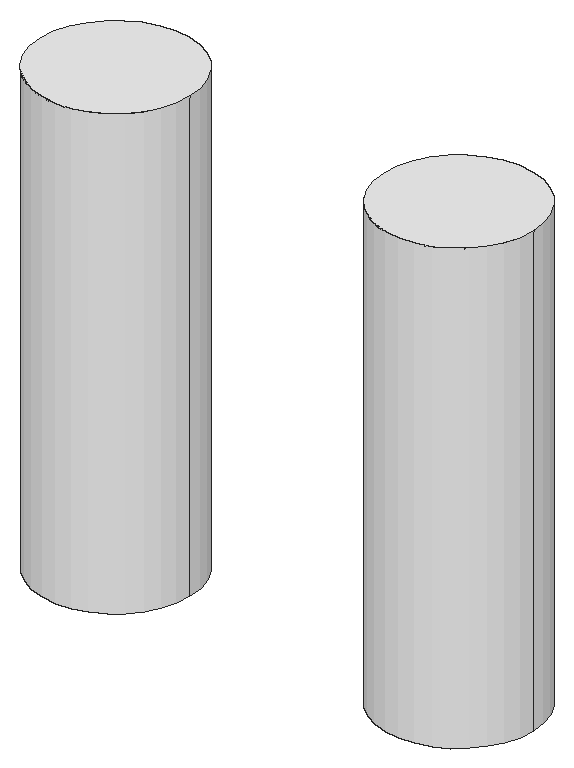
Revit family "56362203", category Plumbing Fixtures, Revit 2018
Family settings
  Round Connector Dimension = Use Diameter
  Part Type = Normal
  OmniClass Number = 23.45.55.00
  OmniClass Title = Sanitary Faucets, Wastes
  Work Plane-Based = No
  Always vertical = Yes
  Cut with Voids When Loaded = No
  Shared = No
  Room Calculation Point = No
Parameters (values of type "56362203 Washbasin faucet ")
  Working Pressure = "50 - 1000 kPa"
  WarrantyStartDate [instance] = "n/a"
  WarrantyGuarantorParts = "n/a"
  WarrantyGuarantorLabor = "n/a"
  WarrantyDurationUnit = "Year"
  WarrantyDurationParts = "n/a"
  WarrantyDurationLabor = "n/a"
  WarrantyDescription = "http://warranty.hansa.com"
  Warranty Information URL = "http://warranty.hansa.com"
  VersionDate = "01/07/2022"
  Version = "3"  # constant formula
  ValvePattern = "n/a"
  ValveOperation = "n/a"
  ValveMechanism = "n/a"
  Uniclass2015Reference = "Pr_40_20_87_96"
  Uniclass2015Description = "Washbasin manual water supply sets"
  Uniclass2 = "Pr_40_30_96_96"
  URL REACH = "http://static.hansa.com/doc/reach"
  URL Declaration of Conformity = "http://static.hansa.com/DoC/56362203"
  URL ABP = "http://static.hansa.com/ABP/56362203"
  URL = ""
  UNSPSC Class Number = "30181700 Faucets or taps"
  TestPressure = "n/a"
  Temperature Adjustments = "Limitation option for maximum temperature and flow-rate ;Adjustable hot water stop (included, retrofittable)"
  Temperature = "Temperature limiter;Temperature limiter (retrofittable)"
  Technical DataSheet URL = "http://www.hansa.com/datasheet/56362203/en"
  TagNumber [instance] = "n/a"
  SustainabilityPerformance = "n/a"
  Surface treatment = "Chrome"
  Spout Type = "Fixed spout"
  Spout Projection = "103 mm"
  Spare-Part Information URL = "http://static.hansa.com/sp/56362203"
  Size = "50x135x135 mm"
  Shape = "Sculptured"
  SerialNumber [instance] = "n/a"
  Sales Package dimensions (LxWxH) = "540 x 146 x 59"
  Revision = "3"  # constant formula
  ReplacementCost = "n/a"
  ProductInformation = "n/a"
  Product URL = "http://static.hansa.com/56362203"
  Product Image URL = "http://static.hansa.com/image/56362203"
  Product Family = "HANSAPALENO "
  Product Code = "56362203"
  OperatingMechanismMaterial = "n/a"
  NominalWidth = 48.9 mm
  NominalHeight = 136 mm
  NominalDepth = 137.1 mm
  Noise Class = "I (ISO3822)"
  Name_en = "56362203 Washbasin faucet"
  Name = "56362203 Washbasin faucet"
  NBSReference = "45-35-70/371"
  NBSDescription = "Water supply fittings for wash basins and troughs"
  Mounting Holes = "1 hole"
  ModelReference = "56362203"
  ModelNumber = "n/a"
  Model = "56362203 Washbasin faucet"
  Mobile Product Information URL = "http://mpi.hansa.com/56362203"
  Mechanical Parts = "ø 35 mm ceramic cartridge for flow and temperature control"
  Max. Hot Water Supply = 70 °C
  Material = "Brass"
  Market = "International;Germany;Austria;Switzerland;France;Italy;Spain"
  ManufacturerURL = "http://www.hansa.com"
  ManufacturerName = "HANSA"
  Manufacturer = "HANSA"
  Lever Handle = "Hot/Cold symbols;Single operating lever/handle"
  Interactive AR View URL = "https://static.hansa.com/AR/56362203"
  InstallationDate [instance] = "n/a"
  Installation and Maintenance Guide URL = "http://static.hansa.com/manual/56362203"
  Installation Type = "Deck mounted"
  InletConnectionSize = 10 mm
  IfcExportType = "FAUCET"  # constant formula
  IfcExportAs = "IfcValveType"  # constant formula
  Group = "Washbasin faucet"
  Grade = "n/a"
  FlowCoefficient = 0
  Flow Rate At 300kPa With Flow Controller = 0.01 L/s
  Flow Drawing URL = "http://static.hansa.com/flowchart/56362203"
  Finish = "Polished"
  Features = "Single-lever"
  FaucetMainMaterial = Brass
  FDV Document URL = "http://www.hansa.com/datasheet/56362203/en/fdv"
  ExpectedLife = "n/a"
  Excluded Items = "Without pop-up waste"
  ETIM Class Number = "EC011328 Washbasin mixing tap"
  EN Standard = "EN 817"
  EAN Number = "4057304012006"
  DurationUnit = "Year"
  Dimension Drawing URL = "http://static.hansa.com/dimdrw/56362203"
  Description = ""
  DefaultElevation [instance] = 900 mm
  Constituents = "n/a"
  Connection Size = "G3/8"
  Connection = "Flexible inlet pipes"
  Color = "Chrome"
  CodePerformance = "n/a"
  CloseOffRating = 0
  Category = "Bathroom"
  Catalog Drawing URL = "http://static.hansa.com/catdrw/56362203"
  Brand = "HANSA"
  BodyMaterial = "Brass"
  Barcode [instance] = "n/a"
  Backflow Prevention EN1717 = "AA"
  BIMObjectName = "56362203"
  Author = "BIMStone"
  AssetType = "Fixed"
  AssetIdentifier [instance] = "n/a"
  Approval ABP = "P-IX 29502/IA"
  Aerator = "PCA® - constant flow rate regardless of pressure variations"
  Advanced Features = "Inner body made of DZR brass;3S-installation system for safe and simple mounting"
  AccessibilityPerformance = "n/a"
  3D View = "https://static.hansa.com/3D/56362203"
  2D/3D/BIM Files URL = "http://static.hansa.com/bim/56362203"
Reference planes
  plane 1 "Center (Front/Back)": y = 0
  plane 2: z = 0
  plane 3 "Center (Left/Right)": x = 0
  plane 4: x = -24.45
  plane 5: z = 900
  plane 6: z = 870
  plane 7: y = -137.1
  plane 8: x = 24.45
  plane 9: z = 1036
Forms (mm)
  Extrusion 1, solid, material "Brass" <- "FaucetMainMaterial"
    sketch origin (-44.989, 12.403, 0) x (1, 0, 0) y (0, 1, 0)
      loop
        circle (33.489, -36) r 5
      loop
        circle (56.489, -36) r 5
    from 870 to 900
Dimensions and locks
  "DefaultElevation": plane 5 to level
  locked: plane 5 to plane 6 at 30
  "NominalDepth": plane 7 to plane 1 "Center (Front/Back)"
  "NominalHeight": plane 9 to plane 5
  equal spacing: plane 4, plane 3 "Center (Left/Right)", plane 8
  "NominalWidth": plane 4 to plane 8
  "InletConnectionSize": diameter of Extrusion 1 sketch curve  (x2)
  aligned and locked: level to plane 2
  aligned and locked: plane 5 to Extrusion 1
  aligned and locked: Extrusion 1 to plane 6
  aligned and locked: nested 2 to plane 5
Automatic sketch dimensions
  Extrusion 1 sketch curve to plane 3 "Center (Left/Right)" = 11.5 mm
  plane 3 "Center (Left/Right)" to Extrusion 1 sketch curve = 11.5 mm
  plane 1 "Center (Front/Back)" to Extrusion 1 sketch curve = 23.597 mm  (x2)
Nested families
  nested 1: "Symbol" at (0, 0, 0), type "Symbol", detail levels coarse
  nested 2: "56362203_p" at (0, 0, 900), Main <- "FaucetMainMaterial", type "56362203_p"
    with Main Brass
Connectors
  piping at (-11.5, -23.597, 870), diameter 10, driven by "InletConnectionSize"
    settings: on Extrusion 1, index 1, connector inside diameter 609.6 mm, connector length 0 mm, flow factor 0, pipe flow 0.1 L/s, pressure drop 0.0 Pa, fitting loss kfactor 0, connector angle 0.00°, fixture units 0, engagement length 0 mm, angle of deflection 0.00°, flow configuration 1, flow direction 1, fitting loss method 0, system type 19, joint type 0, gender type 0, connector reference index -1, connector utility 0, adjustable connector no, is connector primary yes, connector description ""
  piping at (11.5, -23.597, 870), diameter 10, driven by "InletConnectionSize"
    settings: on Extrusion 1, index 2, connector inside diameter 609.6 mm, connector length 0 mm, flow factor 0, pipe flow 0.1 L/s, pressure drop 0.0 Pa, fitting loss kfactor 0, connector angle 0.00°, fixture units 0, engagement length 0 mm, angle of deflection 0.00°, flow configuration 1, flow direction 1, fitting loss method 0, system type 20, joint type 0, gender type 0, connector reference index -1, connector utility 0, adjustable connector no, is connector primary no, connector description ""
Definition of nested family "Symbol"
  Reference planes
    plane 1: y = 0
    plane 2: x = 0
  Lines and regions (mm)
    detail lines
      curve 1: line (0, 0, 0) -> (0, -1.8, 0)
      curve 2: line (-0.4, -1.1, 0) -> (0.4, -1.1, 0)
      curve 3: line (-0.4, -1.4, 0) -> (0.4, -1.4, 0)
      curve 4: line (0.863, 0, 0) -> (-0.863, 0, 0)
      curve 5: circle (-1.163, 0, 0) r 0.3 normal (0, 0, -1)
      curve 6: circle (1.163, 0, 0) r 0.3 normal (0, 0, 1)
Definition of nested family "56362203_p"
  Parameters (values of type "56362203_p")
    Main [instance] = none
  Reference planes
    plane 1 "Center (Front/Back)": y = 0
    plane 2: z = 0
    plane 3 "Center (Left/Right)": x = 0
    plane 4: x = -24.617
    plane 5: x = 24.617
    plane 6: y = -137.145
    plane 7: z = 135.82
  Forms (mm)
    Revolve 1, solid, material <- "Main", detail levels medium
      sketch origin (0, 0, 0) x (0, 1, 0) y (0, 0, 1)
        loop
          line (2.047, -23.402) -> (-13.649, 156.008) -> (-37.067, 153.96) -> (-21.371, -25.451) -> (2.047, -23.402)
        axis (-37.067, 153.96) -> (-21.371, -25.451)
      angle from 0 to 360
    Extrusion 2, void
      sketch origin (0, 0, 0) x (0, 1, 0) y (0, 0, 1)
        loop
          line (-84.903, 135.82) -> (-11.321, 135.82) -> (-11.321, 165.82) -> (-84.903, 165.82) -> (-84.903, 135.82)
        loop
          line (-67.585, 0) -> (-67.585, -35) -> (4.507, -35) -> (4.507, 0) -> (-67.585, 0)
      from -49.356 to 92.918
    Extrusion 3, solid, material <- "Main", detail levels medium
      sketch origin (0, 0, 0) x (1, 0, 0) y (0, 1, 0)
        loop
          line (-7.521, -76.581) -> (-6.93, -121.044)
          arc (-6.93, -121.044) -> (-6.646, -121.856) -> (-5.931, -122.333) r 1.354
          arc (-5.931, -122.333) -> (-2.992, -122.919) -> (0, -123.101) r 22.031
          arc (0, -123.101) -> (2.992, -122.919) -> (5.931, -122.333) r 22.031
          arc (5.931, -122.333) -> (6.646, -121.856) -> (6.93, -121.044) r 1.354
          line (6.93, -121.044) -> (7.521, -76.581)
          arc (7.521, -76.581) -> (8.321, -70.237) -> (10.649, -64.282) r 25.931
          arc (10.649, -64.282) -> (13.331, -59.854) -> (16.426, -55.705) r 53.655
          arc (16.426, -55.705) -> (18.861, -52.519) -> (21.056, -49.162) r 54.532
          arc (21.056, -49.162) -> (23.173, -41.379) -> (23.403, -33.317) r 34.087
          line (23.403, -33.317) -> (-23.403, -33.317)
          arc (-23.403, -33.317) -> (-23.173, -41.379) -> (-21.056, -49.162) r 34.087
          arc (-21.056, -49.162) -> (-18.861, -52.519) -> (-16.426, -55.705) r 54.532
          arc (-16.426, -55.705) -> (-13.331, -59.854) -> (-10.649, -64.282) r 53.655
          arc (-10.649, -64.282) -> (-8.321, -70.237) -> (-7.521, -76.581) r 25.931
      from 123.077 to 135.82
    Extrusion 4, solid, material <- "Main", detail levels medium
      sketch origin (0, 0, 0) x (0, 1, 0) y (0, 0, 1)
        loop
          line (-89.259, 93.823) -> (-136.029, 89.512)
          arc (-136.029, 89.512) -> (-137.056, 88.681) -> (-136.685, 87.413) r 1.191
          line (-136.685, 87.413) -> (-131.681, 83.214) -> (-135.734, 77.426) -> (-116.093, 63.673) -> (-113.243, 67.743) -> (-111.732, 66.475) -> (-36.551, 68.212) -> (-39.16, 98.033)
          arc (-39.16, 98.033) -> (-64.218, 96.03) -> (-89.259, 93.823) r 3101.602
      from -20 to 20
    Extrusion 5, solid, material <- "Main", detail levels coarse
      sketch origin (0, 0, 0) x (0, 1, 0) y (0, 0, 1)
        loop
          line (0, 0) -> (0, 135.82) -> (-137.145, 135.82) -> (-137.145, 0) -> (0, 0)
      from -24.617 to 24.617
  Cuts and joins
    joined: Extrusion 3, Extrusion 4
    Extrusion 2 cuts Revolve 1
  Lines and regions (mm)
    symbolic lines, detail levels medium+fine
      curve 1: arc (-10.483, -136.441, 0) -> (0.493, -137.143, 0) -> (11.459, -136.294, 0) r 77.963
      curve 2: line (-16.526, -130.006, 0) -> (-22.573, -45.875, 0)
      curve 3: arc (-10.483, -136.441, 0) -> (-14.647, -134.297, 0) -> (-16.526, -130.006, 0) r 7
      curve 4: arc (-24.617, -33.317, 0) -> (-24.331, -29.576, 0) -> (-23.48, -25.922, 0) r 24.617
      curve 5: arc (-23.48, -25.922, 0) -> (-22.352, -16.636, 0) -> (-17.956, -8.379, 0) r 25.54
      curve 6: arc (-17.956, -8.379, 0) -> (-12.813, -3.703, 0) -> (-6.464, -0.874, 0) r 21.896
      curve 7: arc (-6.464, -0.874, 0) -> (-3.26, -0.234, 0) -> (0, 0, 0) r 26.072
      curve 8: arc (-22.573, -45.875, 0) -> (-24.103, -39.678, 0) -> (-24.617, -33.317, 0) r 39.601
      curve 17: line (16.526, -130.006, 0) -> (22.573, -45.875, 0)
      curve 18: arc (10.483, -136.441, 0) -> (14.647, -134.297, 0) -> (16.526, -130.006, 0) r 7
      curve 19: arc (24.617, -33.317, 0) -> (24.331, -29.576, 0) -> (23.48, -25.922, 0) r 24.617
      curve 20: arc (23.48, -25.922, 0) -> (22.352, -16.636, 0) -> (17.956, -8.379, 0) r 25.54
      curve 21: arc (17.956, -8.379, 0) -> (12.813, -3.703, 0) -> (6.464, -0.874, 0) r 21.896
      curve 22: arc (6.464, -0.874, 0) -> (3.26, -0.234, 0) -> (0, 0, 0) r 26.072
      curve 23: arc (22.573, -45.875, 0) -> (24.103, -39.678, 0) -> (24.617, -33.317, 0) r 39.601
      curve 32: line (0, 0, 0) -> (-23.507, 0, 0)
      curve 33: line (-23.507, 0, 0) -> (-23.507, 0, 98.025)
      curve 34: line (-24.617, 0, 101.423) -> (-24.191, 0, 133.145)
      curve 35: line (0, 0, 135.82) -> (-5.848, 0, 135.82)
      curve 36: arc (-5.848, 0, 135.82) -> (-14.236, 0, 135.589) -> (-22.599, 0, 134.898) r 152.743
      curve 37: arc (-24.191, 0, 133.145) -> (-23.727, 0, 134.323) -> (-22.599, 0, 134.898) r 1.788
      curve 43: line (-22.622, 0, 100.367) -> (-22.757, 0, 98.832)
      curve 44: arc (-23.507, 0, 97.889) -> (-23.297, 0, 98.492) -> (-22.757, 0, 98.832) r 0.967
      curve 48: spline (-24.617, 0, 101.423) -> (-24.603, 0, 101.333) -> (-24.561, 0, 101.244) -> (-24.492, 0, 101.154) -> (-24.395, 0, 101.065) -> (-24.27, 0, 100.977) -> (-24.118, 0, 100.888) -> (-23.938, 0, 100.801) -> (-23.731, 0, 100.714) -> (-23.498, 0, 100.628) -> (-23.238, 0, 100.543) -> (-22.952, 0, 100.459) -> (-22.639, 0, 100.375)
      curve 59: line (0, 0, 0) -> (23.507, 0, 0)
      curve 60: line (23.507, 0, 0) -> (23.507, 0, 98.025)
      curve 61: line (24.617, 0, 101.423) -> (24.191, 0, 133.145)
      curve 62: line (0, 0, 135.82) -> (5.848, 0, 135.82)
      curve 63: arc (5.848, 0, 135.82) -> (14.236, 0, 135.589) -> (22.599, 0, 134.898) r 152.743
      curve 64: arc (24.191, 0, 133.145) -> (23.727, 0, 134.323) -> (22.599, 0, 134.898) r 1.788
      curve 70: line (22.622, 0, 100.367) -> (22.757, 0, 98.832)
      curve 71: arc (23.507, 0, 97.889) -> (23.297, 0, 98.492) -> (22.757, 0, 98.832) r 0.967
      curve 75: spline (24.617, 0, 101.423) -> (24.603, 0, 101.333) -> (24.561, 0, 101.244) -> (24.492, 0, 101.154) -> (24.395, 0, 101.065) -> (24.27, 0, 100.977) -> (24.118, 0, 100.888) -> (23.938, 0, 100.801) -> (23.731, 0, 100.714) -> (23.498, 0, 100.628) -> (23.238, 0, 100.543) -> (22.952, 0, 100.459) -> (22.639, 0, 100.375)
      curve 86: line (0, 0, 0) -> (0, -47.195, 0)
      curve 87: line (0, -8.796, 100.544) -> (0, -9.596, 100.479)
      curve 90: line (0, 0, 0) -> (0, -1.548, 17.697)
      curve 91: line (0, -47.195, 0) -> (0, -50.89, 42.234)
      curve 92: line (0, -78.815, 67.236) -> (0, -111.732, 66.475)
      curve 93: arc (0, -50.89, 42.234) -> (0, -59.908, 60.258) -> (0, -78.815, 67.236) r 27.397
      curve 94: arc (0, -55.658, 96.737) -> (0, -72.462, 95.326) -> (0, -89.259, 93.823) r 3101.602
      curve 95: arc (0, -9.596, 100.479) -> (0, -11.065, 106.263) -> (0, -14.026, 111.444) r 22.12
      curve 96: line (0, -54.889, 99.207) -> (0, -54.889, 96.8)
      curve 97: line (0, -56.631, 99.066) -> (0, -59.137, 116.246)
      curve 98: line (0, -9.85, 113.821) -> (0, -13.212, 133.304)
      curve 99: line (0, -67.187, 123.208) -> (0, -121.021, 123.208)
      curve 100: arc (0, -59.137, 116.246) -> (0, -61.866, 121.226) -> (0, -67.187, 123.208) r 8.136
      curve 101: arc (0, -122.469, 134.918) -> (0, -123.109, 129.669) -> (0, -122.532, 124.413) r 22.989
      curve 102: arc (0, -121.021, 123.208) -> (0, -121.988, 123.546) -> (0, -122.532, 124.413) r 1.55
      curve 103: line (0, -121.096, 136) -> (0, -76.114, 136)
      curve 104: arc (0, -122.469, 134.918) -> (0, -121.97, 135.697) -> (0, -121.096, 136) r 1.413
      curve 105: arc (0, -76.114, 136) -> (0, -62.213, 135.816) -> (0, -48.321, 135.262) r 523.836
      curve 106: line (0, -15.076, 134.874) -> (0, -33.248, 134.874)
      curve 107: arc (0, -48.321, 135.262) -> (0, -40.787, 134.965) -> (0, -33.248, 134.874) r 275.77
      curve 108: arc (0, -13.212, 133.304) -> (0, -13.858, 134.429) -> (0, -15.076, 134.874) r 1.891
      curve 110: line (0, -3.293, 37.639) -> (0, -8.796, 100.544)
      curve 111: line (0, -54.889, 99.207) -> (0, -56.631, 99.066)
      curve 112: line (0, -54.889, 96.8) -> (0, -55.658, 96.737)
      curve 113: line (0, -14.026, 111.444) -> (0, -9.85, 113.821)
      curve 115: line (0, -111.732, 66.475) -> (0, -113.243, 67.743)
      curve 116: line (0, -89.259, 93.823) -> (0, -136.029, 89.512)
      curve 117: arc (0, -136.029, 89.512) -> (0, -137.056, 88.681) -> (0, -136.685, 87.413) r 1.191
      curve 118: line (0, -135.734, 77.426) -> (0, -116.093, 63.673)
      curve 119: line (0, -131.681, 83.214) -> (0, -135.734, 77.426)
      curve 120: line (0, -113.243, 67.743) -> (0, -116.093, 63.673)
      curve 121: line (0, -131.681, 83.214) -> (0, -136.685, 87.413)
      curve 131: line (0, -0.184, 19.262) -> (0, -1.664, 36.175)
      curve 132: line (0, -2.395, 37.22) -> (0, -3.293, 37.639)
      curve 133: arc (0, -1.664, 36.175) -> (0, -1.889, 36.796) -> (0, -2.395, 37.22) r 1.275
      curve 134: line (0, -0.637, 18.311) -> (0, -1.548, 17.697)
      curve 135: arc (0, -0.184, 19.262) -> (0, -0.281, 18.725) -> (0, -0.637, 18.311) r 1.038
    symbolic lines, detail levels fine
      curve 9: arc (-21.056, -49.162, 0) -> (-21.905, -47.56, 0) -> (-22.573, -45.875, 0) r 16.527
      curve 10: arc (-16.426, -55.705, 0) -> (-18.861, -52.519, 0) -> (-21.056, -49.162, 0) r 54.532
      curve 11: arc (-10.649, -64.282, 0) -> (-13.331, -59.854, 0) -> (-16.426, -55.705, 0) r 53.655
      curve 12: arc (-7.521, -76.581, 0) -> (-8.321, -70.237, 0) -> (-10.649, -64.282, 0) r 25.931
      curve 13: line (-7.521, -76.581, 0) -> (-6.93, -121.044, 0)
      curve 14: arc (-5.931, -122.333, 0) -> (-2.992, -122.919, 0) -> (0, -123.101, 0) r 22.031
      curve 15: arc (-6.93, -121.044, 0) -> (-6.646, -121.856, 0) -> (-5.931, -122.333, 0) r 1.354
      curve 16: arc (-23.48, -25.922, 0) -> (-14.56, -13.467, 0) -> (0, -8.7, 0) r 24.617
      curve 24: arc (21.056, -49.162, 0) -> (21.905, -47.56, 0) -> (22.573, -45.875, 0) r 16.527
      curve 25: arc (16.426, -55.705, 0) -> (18.861, -52.519, 0) -> (21.056, -49.162, 0) r 54.532
      curve 26: arc (10.649, -64.282, 0) -> (13.331, -59.854, 0) -> (16.426, -55.705, 0) r 53.655
      curve 27: arc (7.521, -76.581, 0) -> (8.321, -70.237, 0) -> (10.649, -64.282, 0) r 25.931
      curve 28: line (7.521, -76.581, 0) -> (6.93, -121.044, 0)
      curve 29: arc (5.931, -122.333, 0) -> (2.992, -122.919, 0) -> (0, -123.101, 0) r 22.031
      curve 30: arc (6.93, -121.044, 0) -> (6.646, -121.856, 0) -> (5.931, -122.333, 0) r 1.354
      curve 31: arc (23.48, -25.922, 0) -> (14.56, -13.467, 0) -> (0, -8.7, 0) r 24.617
      curve 38: arc (-6.756, 0, 134.058) -> (-6.963, 0, 129.627) -> (-6.756, 0, 125.196) r 47.666
      curve 39: arc (-5.128, 0, 135.675) -> (-6.235, 0, 135.162) -> (-6.756, 0, 134.058) r 1.79
      curve 40: arc (-2.068, 0, 135.82) -> (-3.599, 0, 135.777) -> (-5.128, 0, 135.675) r 39.282
      curve 41: arc (-6.756, 0, 125.196) -> (-6.258, 0, 124.11) -> (-5.191, 0, 123.571) r 1.809
      curve 42: arc (-5.191, 0, 123.571) -> (-2.601, 0, 123.329) -> (0, 0, 123.281) r 34.732
      curve 45: spline (-22.757, 0, 98.832) -> (-22.562, 0, 98.576) -> (-21.981, 0, 98.323) -> (-21.024, 0, 98.079) -> (-19.707, 0, 97.849) -> (-18.053, 0, 97.635) -> (-16.091, 0, 97.441) -> (-13.852, 0, 97.272) -> (-11.377, 0, 97.129) -> (-8.708, 0, 97.015) -> (-5.889, 0, 96.932) -> (-2.97, 0, 96.882) -> (0, 0, 96.865)
      curve 46: line (-23.507, 0, 87.376) -> (-16.905, 0, 74.958)
      curve 47: arc (-16.905, 0, 74.958) -> (-14.342, 0, 71.239) -> (-11, 0, 68.199) r 19.74
      curve 49: arc (-13.632, 0, 86.46) -> (-6.829, 0, 87.082) -> (0, 0, 87.29) r 112.335
      curve 50: line (-23.507, 0, 98.025) -> (-17.405, 0, 88.261)
      curve 51: arc (-17.405, 0, 88.261) -> (-15.781, 0, 86.811) -> (-13.632, 0, 86.46) r 3.893
      curve 52: spline (0, 0, 64.492) -> (-2.773, 0, 64.701) -> (-5.358, 0, 65.313) -> (-7.577, 0, 66.285) -> (-9.28, 0, 67.553) -> (-10.351, 0, 69.029) -> (-10.716, 0, 70.613) -> (-10.351, 0, 72.198) -> (-9.28, 0, 73.674) -> (-7.577, 0, 74.941) -> (-5.358, 0, 75.914) -> (-2.773, 0, 76.526) -> (0, 0, 76.734)
      curve 53: line (-11, 0, 76.576) -> (-11, 0, 68.199)
      curve 54: arc (-11, 0, 76.576) -> (-11.983, 0, 73.761) -> (-11, 0, 70.946) r 4.519
      curve 55: arc (-11.983, 0, 73.761) -> (-11.352, 0, 77.899) -> (-8.48, 0, 80.944) r 7.028
      curve 56: arc (-8.48, 0, 80.944) -> (-4.383, 0, 82.589) -> (0, 0, 83.121) r 16.963
      curve 57: arc (-11, 0, 68.199) -> (-5.857, 0, 65.287) -> (0, 0, 64.492) r 15.628
      curve 58: spline (-22.639, 0, 100.375) -> (-21.593, 0, 100.142) -> (-20.343, 0, 99.921) -> (-18.901, 0, 99.714) -> (-17.28, 0, 99.523) -> (-15.496, 0, 99.35) -> (-13.565, 0, 99.197) -> (-11.506, 0, 99.065) -> (-9.338, 0, 98.955) -> (-7.082, 0, 98.868) -> (-4.759, 0, 98.806) -> (-2.391, 0, 98.768) -> (0, 0, 98.756)
      curve 65: arc (6.756, 0, 134.058) -> (6.963, 0, 129.627) -> (6.756, 0, 125.196) r 47.666
      curve 66: arc (5.128, 0, 135.675) -> (6.235, 0, 135.162) -> (6.756, 0, 134.058) r 1.79
      curve 67: arc (2.068, 0, 135.82) -> (3.599, 0, 135.777) -> (5.128, 0, 135.675) r 39.282
      curve 68: arc (6.756, 0, 125.196) -> (6.258, 0, 124.11) -> (5.191, 0, 123.571) r 1.809
      curve 69: arc (5.191, 0, 123.571) -> (2.601, 0, 123.329) -> (0, 0, 123.281) r 34.732
      curve 72: spline (22.757, 0, 98.832) -> (22.562, 0, 98.576) -> (21.981, 0, 98.323) -> (21.024, 0, 98.079) -> (19.707, 0, 97.849) -> (18.053, 0, 97.635) -> (16.091, 0, 97.441) -> (13.852, 0, 97.272) -> (11.377, 0, 97.129) -> (8.708, 0, 97.015) -> (5.889, 0, 96.932) -> (2.97, 0, 96.882) -> (0, 0, 96.865)
      curve 73: line (23.507, 0, 87.376) -> (16.905, 0, 74.958)
      curve 74: arc (16.905, 0, 74.958) -> (14.342, 0, 71.239) -> (11, 0, 68.199) r 19.74
      curve 76: arc (13.632, 0, 86.46) -> (6.829, 0, 87.082) -> (0, 0, 87.29) r 112.335
      curve 77: line (23.507, 0, 98.025) -> (17.405, 0, 88.261)
      curve 78: arc (17.405, 0, 88.261) -> (15.781, 0, 86.811) -> (13.632, 0, 86.46) r 3.893
      curve 79: spline (0, 0, 64.492) -> (2.773, 0, 64.701) -> (5.358, 0, 65.313) -> (7.577, 0, 66.285) -> (9.28, 0, 67.553) -> (10.351, 0, 69.029) -> (10.716, 0, 70.613) -> (10.351, 0, 72.198) -> (9.28, 0, 73.674) -> (7.577, 0, 74.941) -> (5.358, 0, 75.914) -> (2.773, 0, 76.526) -> (0, 0, 76.734)
      curve 80: line (11, 0, 76.576) -> (11, 0, 68.199)
      curve 81: arc (11, 0, 76.576) -> (11.983, 0, 73.761) -> (11, 0, 70.946) r 4.519
      curve 82: arc (11.983, 0, 73.761) -> (11.352, 0, 77.899) -> (8.48, 0, 80.944) r 7.028
      curve 83: arc (8.48, 0, 80.944) -> (4.383, 0, 82.589) -> (0, 0, 83.121) r 16.963
      curve 84: arc (11, 0, 68.199) -> (5.857, 0, 65.287) -> (0, 0, 64.492) r 15.628
      curve 85: spline (22.639, 0, 100.375) -> (21.593, 0, 100.142) -> (20.343, 0, 99.921) -> (18.901, 0, 99.714) -> (17.28, 0, 99.523) -> (15.496, 0, 99.35) -> (13.565, 0, 99.197) -> (11.506, 0, 99.065) -> (9.338, 0, 98.955) -> (7.082, 0, 98.868) -> (4.759, 0, 98.806) -> (2.391, 0, 98.768) -> (0, 0, 98.756)
      curve 88: line (0, -32.303, 101.042) -> (0, -14.026, 111.444)
      curve 89: line (0, -32.303, 101.042) -> (0, -54.889, 99.207)
      curve 109: line (0, -1.548, 17.697) -> (0, -3.293, 37.639)
      curve 114: line (0, -9.596, 100.479) -> (0, -54.889, 96.8)
      curve 122: line (0, -113.243, 67.743) -> (0, -131.681, 83.214)
      curve 123: arc (-3.475, -3.353, 0) -> (0, -3.288, 0) -> (3.474, -3.354, 0) r 93.038
      curve 124: line (-3.963, -2.573, 0) -> (-3.351, -1.422, 0)
      curve 125: arc (-3.351, -1.422, 0) -> (-2.534, -0.745, 0) -> (-1.567, -0.308, 0) r 3.968
      curve 126: arc (-3.475, -3.353, 0) -> (-3.944, -3.104, 0) -> (-3.963, -2.573, 0) r 0.531
      curve 127: line (3.963, -2.573, 0) -> (3.351, -1.422, 0)
      curve 128: arc (3.351, -1.422, 0) -> (2.534, -0.745, 0) -> (1.567, -0.308, 0) r 3.968
      curve 129: arc (3.474, -3.353, 0) -> (3.944, -3.104, 0) -> (3.963, -2.573, 0) r 0.531
      curve 130: arc (-1.567, -0.308, 0) -> (0, -0.131, 0) -> (1.567, -0.308, 0) r 7.055
  Dimensions and locks
    aligned and locked: level to plane 2
